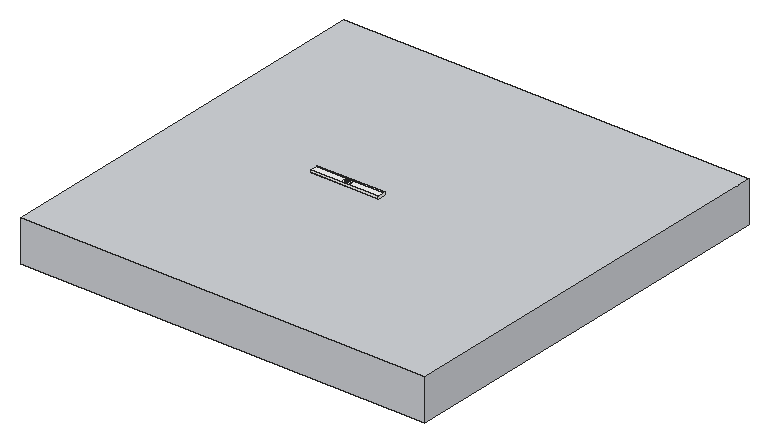
Revit family "Zumtobel RESCLITE PRO TEC-GP", category Lighting Fixtures, host Face, Revit 2018
Family settings
  Host = Face
  Round Connector Dimension = Use Diameter
  Part Type = Normal
  OmniClass Number = 23.80.70.11
  OmniClass Title = Luminaries for Internal Lighting
  Cut with Voids When Loaded = No
  Light Source = Yes
  Shared = No
  Room Calculation Point = No
Parameters (values of type "RESCLITE PRO TEC-GP ESC")
  Width = 60 mm  # constant formula
  Wattage Comments = ""
  Wattage = 1.50799 W
  built-in parameter 1150110 = 1 (stored number, unit not read)
  Voltage = 230 V
  URL = "http://www.zumtobel.com/42185796"
  Type Comments = "© Zumtobel. We reserve the right to make technical changes without prior notice."  # constant formula
  built-in parameter 1114217 = 1 (stored number, unit not read)
  Tilt Angle = 180.00°
  built-in parameter 1150109 = 1 (stored number, unit not read)
  built-in parameter 1150134 = 12
  built-in parameter 1150113 = 1 (stored number, unit not read)
  Photometric Web File = "42185796_(STD_LEO).IES"
  MSC ESC = yes
  MSC = no
  built-in parameter 1150105 = 17.825 (stored number, unit not read)
  Lumens = 224 lm
  built-in parameter 1150115 = 1 (stored number, unit not read)
  built-in parameter 1150137 = (empty or 0)
  built-in parameter 1150139 = (empty or 0)
  Length = 500 mm  # constant formula
  built-in parameter 1150112 = 1 (stored number, unit not read)
  built-in parameter 1150114 = 1 (stored number, unit not read)
  built-in parameter 1150132 = 2
  built-in parameter 1150102 = (empty or 0)
  built-in parameter 1150107 = 4000 (stored number, unit not read)
  built-in parameter 1150138 = (empty or 0)
  built-in parameter 1150106 = 0.17825 (stored number, unit not read)
  Height = 85 mm  # constant formula
  built-in parameter 1150104 = 13.8 (stored number, unit not read)
  Dimming Lamp Color Temperature Shift = <None>
  Model = "42185796"
  Manufacturer = "Zumtobel Lighting"  # constant formula
  Lamp = "LED"
  Description = "LED Safety luminaire"  # constant formula
  Default Elevation = 0 mm
  Color Filter = 16777215
  Body = Zumtobel_Metal_White
  built-in parameter 1114218 = 1 (stored number, unit not read)
  built-in parameter 1150133 = 10 (stored number, unit not read)
  Assembly Code = "D5020200"
  Apparent Load = 4.7 VA
Types (5, lengths in mm): name | Wattage | URL | Photometric Web File | MSC ESC | MSC | built-in parameter 1150105 | Lumens | built-in parameter 1150106 | Model | Apparent Load
  RESCLITE PRO TEC-GP ANT E3D WH | 1.49453 W | "http://www.zumtobel.com/42185794" | "42185794_(STD_LEO).IES" | no | yes | 17.666 (stored number, unit not read) | 222 lm | 0.17666 (stored number, unit not read) | "42185794" | 4.7 VA
  RESCLITE PRO TEC-GP SPOT | 1.50799 W | "http://www.zumtobel.com/42185796" | "42185796_(STD_LEO).IES" | no | yes | 17.825 (stored number, unit not read) | 224 lm | 0.17825 (stored number, unit not read) | "42185796" | 4.7 VA
  RESCLITE PRO TEC-GP ESC90 | 1.49453 W | "http://www.zumtobel.com/42185795" | "42185795_(STD_LEO).IES" | yes | no | 17.666 (stored number, unit not read) | 222 lm | 0.17666 (stored number, unit not read) | "42185795" | 4.7 VA
  RESCLITE PRO TEC-GP ESC HC | 2.44375 W | "http://www.zumtobel.com/42185824" | "42185824_(STD_LEO).IES" | no | yes | 28.887 (stored number, unit not read) | 363 lm | 0.28887 (stored number, unit not read) | "42185824" | 7.1 VA
  RESCLITE PRO TEC-GP ESC | 1.50799 W | "http://www.zumtobel.com/42185796" | "42185796_(STD_LEO).IES" | yes | no | 17.825 (stored number, unit not read) | 224 lm | 0.17825 (stored number, unit not read) | "42185796" | 4.7 VA
Reference planes
  plane 1 "Center (Front/Back)": y = 0
  plane 2 "Bottom": z = 0
  plane 3 "Center (Left/Right)": x = -735.5
  plane 4 "Left": x = -984.5
  plane 5: y = -22
  plane 6: y = 22
  plane 7: z = 18.928
  plane 8 "Right": x = -486.5
  plane 9: z = 16.928
Forms (mm)
  Extrusion 1, solid
    sketch origin (123, 0, 0) x (1, 0, 0) y (0, 1, 0)
      loop
        line (-2085.5, 1500) -> (-2085.5, -1500) -> (914.5, -1500) -> (914.5, 1500) -> (-2085.5, 1500)
    from 0 to -304.8
  Extrusion 2, solid, material "Zumtobel_Metal_White" <- "Body"
    sketch origin (-735.5, 0, -48.078) x (0, -1, 0) y (0, 0, 1)
      loop
        line (-28, 65.006) -> (-30, 67.006) -> (-30, 53.006) -> (-24.468, 53.006) -> (-24.468, 42) -> (-21.81, 42) -> (-21.81, 48.078) -> (21.81, 48.078) -> (21.81, 42) -> (24.468, 42) -> (24.468, 53.006) -> (30, 53.006) -> (30, 67.006) -> (28, 65.006) -> (-28, 65.006)
    from -249 to 249
  Revolve 3, void
    sketch origin (0, 0, 11.304) x (1, 0, 0) y (0, 0, 1)
      loop
        line (-751.709, 5.624) -> (-749.5, 4.473) -> (-735.5, 4.473) -> (-735.5, 5.624) -> (-751.709, 5.624)
      axis (-735.5, 5.624) -> (-735.5, 4.473)
    angle from 0 to 360
  Revolve 4, solid, material "Zumtobel_Metal_White" <- "Body"
    sketch origin (0, 0, 11.304) x (1, 0, 0) y (0, 0, 1)
      loop
        line (-751.709, 5.624) -> (-753.629, 6.624) -> (-760.5, 5.624) -> (-751.709, 5.624)
      axis (-735.5, 6.624) -> (-735.5, 5.624)
    angle from 0 to 360
  Extrusion 5, solid, material "Zumtobel_Lamp_Self_llumination_Transparent", visible <- "MSC ESC"
    sketch origin (-735.378, 63.179, -37.774) x (0.001663, 0.999999, 0) y (0, 0, 1)
      loop
        line (-74.185, 53.551) -> (-64.511, 53.551) -> (-71.574, 63.702) -> (-74.185, 53.551)
      loop
        line (-61.846, 53.551) -> (-52.172, 53.551) -> (-54.784, 63.702) -> (-61.846, 53.551)
    from -4 to 4
  Revolve 6, solid, material "Zumtobel_Lamp_Self_llumination_Transparent", visible <- "MSC"
    sketch origin (-730.5, -735.5, -32.072) x (0, -1, 0) y (0, 0, 1)
      loop
        line (-742.709, 47.85) -> (-735.5, 47.85) -> (-735.5, 49.382)
        arc (-735.5, 49.382) -> (-739.207, 49.099) -> (-742.709, 47.85) r 13.984
      axis (-735.5, 49.382) -> (-735.5, 47.85)
    angle from 0 to 360
  Revolve 7, solid, material "Zumtobel_Lamp_Self_llumination_Transparent", visible <- "MSC"
    sketch origin (-740.5, -735.5, -32.072) x (0, -1, 0) y (0, 0, -1)
      loop
        arc (-742.709, -47.85) -> (-739.207, -49.099) -> (-735.5, -49.382) r 13.984
        line (-735.5, -49.382) -> (-735.5, -47.85) -> (-742.709, -47.85)
      axis (-735.5, -49.382) -> (-735.5, -47.85)
    angle from 0 to 360
Cuts and joins
  Revolve 3 cuts Extrusion 2
  joined: Extrusion 2, Revolve 4
Lines and regions (mm)
  symbolic lines, not visible, detail levels coarse
    curve 1: line (-735.5, 80, 0) -> (-735.5, -80, 0)
    curve 2: line (-735.5, 80, 0) -> (-735.5, -80, 0)
Dimensions and locks
  plane 7 to level = 18.928 mm
  equal spacing: plane 4 "Left", plane 3 "Center (Left/Right)", plane 8 "Right"
  locked: plane 4 "Left" to plane 8 "Right" at 498
  aligned and locked: plane 2 "Bottom" to Extrusion 1
  aligned and locked: level to Extrusion 1
  aligned and locked: plane 4 "Left" to Extrusion 2
  aligned and locked: plane 8 "Right" to Extrusion 2
  aligned and locked: imposter light to plane 7
Automatic sketch dimensions
  curve 1 to plane 3 "Center (Left/Right)" = 0 mm
  curve 2 to plane 3 "Center (Left/Right)" = 0 mm
  plane 5 to curve 1 = 58 mm
  curve 2 to curve 1 = 0 mm
  plane 6 to curve 2 = 58 mm
  curve 1 to curve 2 = 0 mm
  Extrusion 1 sketch curve to Extrusion 1 sketch curve = 3000 mm  (x2)
  plane 6 to Extrusion 2 sketch curve = 8 mm
  plane 6 to Extrusion 2 sketch curve = 6 mm
  plane 6 to Extrusion 2 sketch curve = 2.468 mm
  Extrusion 2 sketch curve to Extrusion 2 sketch curve = 2.658 mm  (x2)
  Extrusion 2 sketch curve to plane 5 = 0.19 mm
  Extrusion 2 sketch curve to Extrusion 2 sketch curve = 3.532 mm
  Extrusion 2 sketch curve to Extrusion 2 sketch curve = 5.532 mm
  Extrusion 2 sketch curve to Extrusion 2 sketch curve = 6.078 mm
  Extrusion 2 sketch curve to Extrusion 2 sketch curve = 4.928 mm  (x2)
  Extrusion 2 sketch curve to Extrusion 2 sketch curve = 12 mm
  Extrusion 2 sketch curve to Extrusion 2 sketch curve = 2 mm  (x2)
  plane 3 "Center (Left/Right)" to Revolve 4 sketch curve = 0 mm
  level to Revolve 4 sketch curve = 16.928 mm
  plane 3 "Center (Left/Right)" to Revolve 4 sketch curve = 16.209 mm
  level to Revolve 4 sketch curve = 17.928 mm
  Revolve 4 sketch curve to Revolve 4 sketch curve = 1.92 mm
  Revolve 4 sketch curve to Revolve 4 sketch curve = 6.871 mm
  level to Revolve 4 sketch curve = 11.928 mm
  level to Revolve 4 sketch curve = 8.487 mm
  plane 3 "Center (Left/Right)" to Revolve 3 sketch curve = 0 mm  (x2)
  level to Revolve 3 sketch curve = 15.778 mm
  plane 3 "Center (Left/Right)" to Revolve 3 sketch curve = 14 mm
  Revolve 3 sketch curve to Revolve 3 sketch curve = 2.209 mm
  Revolve 3 sketch curve to Revolve 3 sketch curve = 1.15 mm
  Revolve 3 sketch curve to Revolve 3 sketch curve = 1.951 mm
  level to Revolve 3 sketch curve = 9.267 mm
  Extrusion 2 sketch curve to level = 0 mm
  Extrusion 2 sketch curve to level = 6.078 mm
  Extrusion 5 sketch curve to plane 9 = 1.15 mm  (x2)
  plane 7 to Extrusion 5 sketch curve = 7 mm  (x2)
  Extrusion 5 sketch curve to Extrusion 5 sketch curve = 2.612 mm
  Extrusion 5 sketch curve to Extrusion 5 sketch curve = 9.674 mm  (x2)
  Extrusion 5 sketch curve to Extrusion 5 sketch curve = 2.665 mm
  Extrusion 5 sketch curve to Extrusion 5 sketch curve = 7.062 mm
  Revolve 6 sketch curve to plane 1 "Center (Front/Back)" = 0 mm  (x2)
  Revolve 6 sketch curve to plane 1 "Center (Front/Back)" = 0.8 mm
  Revolve 6 sketch curve to plane 9 = 1.15 mm
  Revolve 6 sketch curve to plane 1 "Center (Front/Back)" = 7.209 mm
  level to Revolve 6 sketch curve = 3.348 mm
  Revolve 6 sketch curve to Revolve 6 sketch curve = 0.598 mm
  plane 7 to Revolve 6 sketch curve = 0.11 mm
  Revolve 7 sketch curve to plane 1 "Center (Front/Back)" = 0 mm  (x2)
  Revolve 7 sketch curve to plane 1 "Center (Front/Back)" = 0.8 mm
  Revolve 7 sketch curve to plane 9 = 1.15 mm
  Revolve 7 sketch curve to plane 1 "Center (Front/Back)" = 7.209 mm
  Revolve 7 sketch curve to Revolve 7 sketch curve = 1.532 mm
  Revolve 7 sketch curve to Revolve 7 sketch curve = 0.598 mm
  plane 7 to Revolve 7 sketch curve = 0.11 mm
Connectors
  electrical at (-735.5, 0, 0), driven by "Apparent Load", driven by "Voltage"
    settings: index 1, voltage 230 V, apparent load 0 VA, apparent load phase1 4.7 VA, apparent load phase2 0 VA, apparent load phase3 0 VA, power factor 1, load classification "Lighting", number of poles 1, system type 31, power factor state 1, is connector primary yes, connector utility no, sub classification motor no, connector description ""
